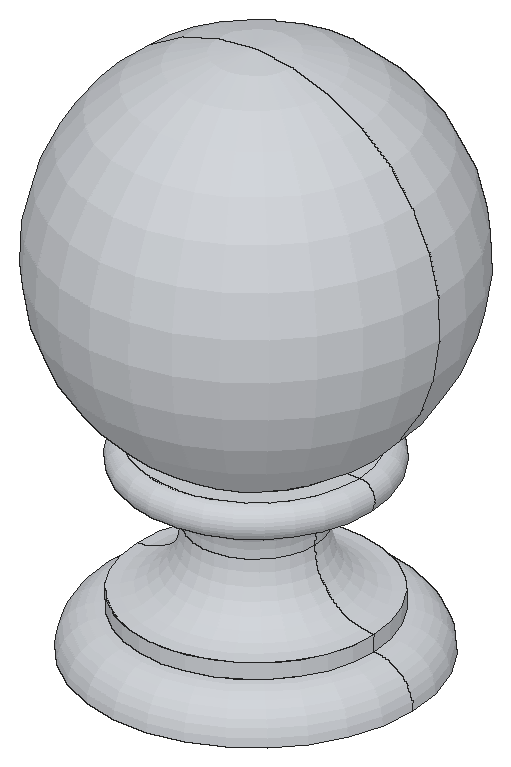
Revit family
Parameters (values of type "SBSP-005.5")
  URL = "www.strombergarchitectural.com"
  Top Material = GFRC
  Submittal Sheet = "www.strombergarchitectural.com/images/materials/gfrc/submittal/gfrc-submittal-sheet.pdf"
  Specifications = "www.strombergarchitectural.com/gfrcspecifications"
  Model Cut-sheet = "www.strombergarchitectural.com/products/bollards/design/sbsp-005"
  Model = "SBSP-005"
  Manufacturer = "Stromberg Architectural Products"
  Guidebook = "www.strombergarchitectural.com/images/materials/gfrc/handbooks/gfrc_guidebook.pdf"
  Frame Material = none
  Diameter = 2' - 9"
  Description = "GFRC Bollard"
  Assembly Code = ""
  Height = 4' - 0"
  XXX.5 = yes
  XXX.4 = no
  XXX.3 = no
  XXX.2 = no
  XXX.1 = no
Types (6): name | Guidebook | Diameter | Height | XXX.5 | XXX.4 | XXX.3 | XXX.2 | XXX.1
  (no name) | "www.strombergarchitectural.com/images/materials/gfrc/handbooks/gfrc_guidebook.pdf" | 2' - 9" | 4' - 0" | yes | no | no | no | no
  SBSP-005.3 | "www.strombergarchitectural.com/images/materials/gfrc/handbooks/gfrc_guidebook.pdf" | 2' - 1" | 3' - 0" | no | no | yes | no | no
  SBSP-005.1 | "www.strombergarchitectural.com/images/materials/gfrc/handbooks/gfrc_guidebook.pdf   \r\n(http://www.strombergarchitectural.com/images/materials/gfrc/handbooks/gfrc_guidebook.pdf" | 1' - 5" | 2' - 0" | no | no | no | no | yes
  SBSP-005.2 | "www.strombergarchitectural.com/images/materials/gfrc/handbooks/gfrc_guidebook.pdf" | 1' - 9" | 2' - 6" | no | no | no | yes | no
  SBSP-005.4 | "www.strombergarchitectural.com/images/materials/gfrc/handbooks/gfrc_guidebook.pdf" | 2' - 5" | 3' - 6" | no | yes | no | no | no
  SBSP-005.5 | "www.strombergarchitectural.com/images/materials/gfrc/handbooks/gfrc_guidebook.pdf" | 2' - 9" | 4' - 0" | yes | no | no | no | no
Reference planes (in)
  plane 1 "Center (Front/Back)": y = 3.74847
  plane 2: z = 0
  plane 3 "Center (Left/Right)": x = 0.7278
  plane 4 "Front": y = -3.25153
  plane 5 "Back": y = 10.74847
  plane 6 "Left": x = -17.2722
  plane 7 "Right": x = 18.7278
Forms (in)
  Revolve 1, solid, visible <- "XXX.1"
    sketch origin (0, 3.74847, 0) x (1, 0, 0) y (0, 0, 1)
      loop
        arc (0.7278, 24) -> (-7.35845, 17.85194) -> (-3.59623, 8.41627) r 8.39176
        line (-3.59623, 8.41627) -> (-4.40395, 8.41627)
        arc (-4.40395, 8.41627) -> (-5.07058, 7.74963) -> (-4.40395, 7.083) r 0.66664
        arc (-4.40395, 7.083) -> (-2.9898, 6.49724) -> (-2.40404, 5.08309) r 1.99991
        arc (-2.40404, 5.08309) -> (-3.18505, 3.19756) -> (-5.07058, 2.41655) r 2.66654
        line (-5.07058, 2.41655) -> (-5.07058, 1.74992)
        arc (-5.07058, 1.74992) -> (-6.30796, 1.23738) -> (-6.8205, 0) r 1.74992
        line (-6.8205, 0) -> (0.7278, 0) -> (0.7278, 24)
      axis (0.7278, 24) -> (0.7278, 0)
    angle from 0 to 360
  Revolve 2, solid, visible <- "XXX.2"
    sketch origin (0, 3.74847, 0) x (1, 0, 0) y (0, 0, 1)
      loop
        arc (0.7278, 29.99996) -> (-9.38467, 22.26283) -> (-4.49558, 10.50604) r 10.43897
        line (-4.49558, 10.50604) -> (-5.49558, 10.50604)
        arc (-5.49558, 10.50604) -> (-6.32173, 9.6799) -> (-5.49558, 8.85375) r 0.82615
        arc (-5.49558, 8.85375) -> (-3.75244, 8.13172) -> (-3.03041, 6.38858) r 2.46516
        arc (-3.03041, 6.38858) -> (-4.01685, 4.00712) -> (-6.39831, 3.02069) r 3.36789
        line (-6.39831, 3.02069) -> (-6.39831, 2.1874)
        arc (-6.39831, 2.1874) -> (-7.92011, 1.55705) -> (-8.55046, 0.03524) r 2.15215
        line (-8.55046, 0.03524) -> (-8.55046, 0) -> (0.7278, 0) -> (0.7278, 29.99996)
      axis (0.7278, 29.99996) -> (0.7278, 0)
    angle from 0 to 360
  Revolve 3, solid, visible <- "XXX.3"
    sketch origin (0, 3.74847, 0) x (1, 0, 0) y (0, 0, 1)
      loop
        arc (0.7278, 36.0017) -> (-11.3471, 26.73631) -> (-5.52263, 12.6748) r 12.50085
        line (-5.52263, 12.6748) -> (-6.77263, 12.6748)
        arc (-6.77263, 12.6748) -> (-7.79358, 11.65385) -> (-6.77263, 10.6329) r 1.02095
        arc (-6.77263, 10.6329) -> (-4.56418, 9.71813) -> (-3.64942, 7.50969) r 3.12321
        arc (-3.64942, 7.50969) -> (-4.82739, 4.72253) -> (-7.6472, 3.625) r 3.88629
        line (-7.6472, 3.625) -> (-7.6472, 2.625)
        arc (-7.6472, 2.625) -> (-9.50335, 1.85616) -> (-10.2722, 0) r 2.625
        line (-10.2722, 0) -> (0.7278, 0) -> (0.7278, 36.0017)
      axis (0.7278, 36.0017) -> (0.7278, 0)
    angle from 0 to 360
  Revolve 4, solid, visible <- "XXX.4"
    sketch origin (0, 3.74847, 0) x (1, 0, 0) y (0, 0, 1)
      loop
        arc (0.7278, 41.99987) -> (-13.25532, 31.02778) -> (-6.06004, 14.77532) r 14.47373
        line (-6.06004, 14.77532) -> (-7.31004, 14.77532)
        arc (-7.31004, 14.77532) -> (-8.50049, 13.58487) -> (-7.31004, 12.39443) r 1.19044
        arc (-7.31004, 12.39443) -> (-4.88914, 11.39166) -> (-3.88637, 8.97076) r 3.42368
        arc (-3.88637, 8.97076) -> (-5.27521, 5.6178) -> (-8.62816, 4.22897) r 4.74179
        line (-8.62816, 4.22897) -> (-8.62816, 3.06141)
        arc (-8.62816, 3.06141) -> (-10.74526, 2.14101) -> (-11.60859, 0) r 3.04564
        line (-11.60859, 0) -> (0.7278, 0) -> (0.7278, 41.99987)
      axis (0.7278, 41.99987) -> (0.7278, 0)
    angle from 0 to 360
  Revolve 5, solid, visible <- "XXX.5"
    sketch origin (0, 3.74847, 0) x (1, 0, 0) y (0, 0, 1)
      loop
        arc (0.7278, 47.99996) -> (-15.27003, 35.47368) -> (-7.02552, 16.90311) r 16.52378
        line (-7.02552, 16.90311) -> (-8.52552, 16.90311)
        arc (-8.52552, 16.90311) -> (-9.89401, 15.53461) -> (-8.52552, 14.16612) r 1.36849
        arc (-8.52552, 14.16612) -> (-5.68446, 12.98932) -> (-4.50766, 10.14826) r 4.01786
        arc (-4.50766, 10.14826) -> (-6.06443, 6.38988) -> (-9.82281, 4.8331) r 5.31516
        line (-9.82281, 4.8331) -> (-9.82281, 3.49983)
        arc (-9.82281, 3.49983) -> (-12.29757, 2.47476) -> (-13.32265, 0) r 3.49983
        line (-13.32265, 0) -> (0.7278, 0) -> (0.7278, 47.99996)
      axis (0.7278, 47.99996) -> (0.7278, 0)
    angle from 0 to 360
